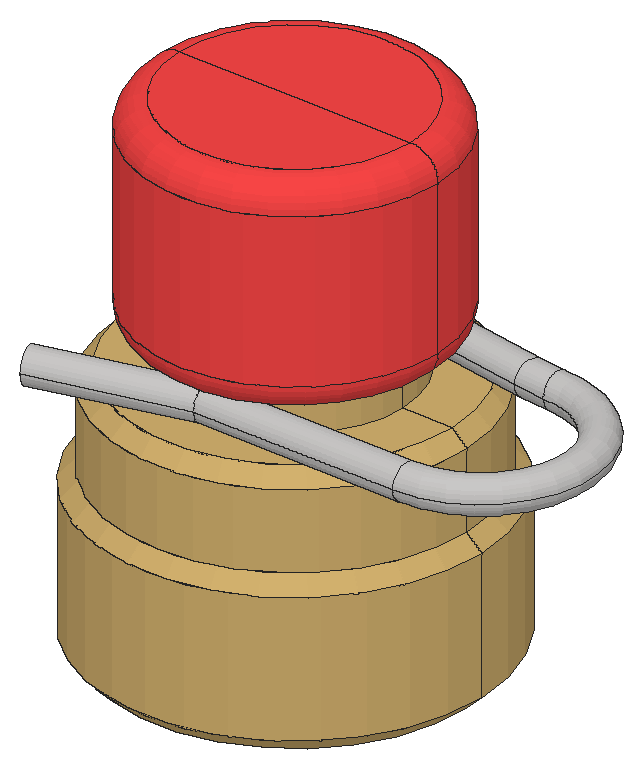
Revit family "Manual Actuator-JCI_Sapphire_Plus-(70bar)Novec1230", category Specialty Equipment, Revit 2017
Family settings
  Round Connector Dimension = Use Diameter
  Part Type = Normal
  OmniClass Number = 23.29.33.13.11
  Work Plane-Based = Yes
  Always vertical = Yes
  Cut with Voids When Loaded = No
  Shared = Yes
  Room Calculation Point = No
Parameters (values of type "Actuator Manual")
  Width = 0.00 mm
  Weight = 122.00 lbf
  URL = "http://www.sapphireplus.com"
  Product Page URL = "http://www.sapphireplus.com"
  Product Material = "JCI - Metal - Stainless Steel - Satin;JCI - Plastic-Red"
  Product Documentation Link = "http://www.sapphireplus.com"
  Part Number = Model  # "304.209.002"
  Part Description = Description  # "Manual Actuator"
  Operating Temperature = 122 °F
  Model Disclaimer = "For More Information Contact JOHNSON CONTROLS"  # constant formula
  Model = "304.209.002"  # constant formula
  Manufacturer = "Johnson Controls, Inc."  # constant formula
  Height = 0.00 mm
  Fire Suppression Agent = "''3M Novec'' 1230 Fire Protection Fluid"  # constant formula
  Family Version = "1.0"  # constant formula
  Equipment Tag Number = ""
  Equipment Number = "XXX"  # constant formula
  Equipment Abbreviation = "MA"  # constant formula
  Description = "Manual Actuator"  # constant formula
  Default Elevation = 1219.20 mm
  Date Modified = "YYYY/MM/DD"  # constant formula
  Date Created = "2018/10/10"  # constant formula
  Copyright © = "Copyright © 2001-2018 Johnson Controls Inc."  # constant formula
  Assembly Code = "D4090300"
Reference planes
  plane 1 "Center (Front/Back)": y = 0
  plane 2: z = 0
  plane 3 "Center (Left/Right)": x = 0
  plane 4 "Body Length": x = -20.497
  plane 5 "Knob Offset Left": x = -11.821
  plane 6 "Knob Left": x = -15.702
  plane 7 "Height Top": z = 42.534
  plane 8 "Knob Offset Height": z = 37.406
  plane 9 "Safety Clip": z = 16.068
  plane 10 "Safety Clip Center": z = 17.924
  plane 11 "Height Bottom": z = -11
Forms (mm)
  Sweep 1, solid, material "JCI - Metal - Stainless Steel - Satin"
    path origin (13.427, -4572, 17.924) x (0, -1, 0) y (1, 0, 0)
      loop
        arc (-4586.989, -34.804) -> (-4583.948, -31.742) -> (-4583.104, -27.509) r 7.483
        line (-4583.104, -27.509) -> (-4584.063, -17.531) -> (-4580.373, 5.767)
        arc (-4580.373, 5.767) -> (-4580.187, 7.306) -> (-4580.116, 8.854) r 20.966
        arc (-4580.116, 8.854) -> (-4569.791, 19.037) -> (-4559.56, 8.759) r 10.278
        line (-4559.56, 8.759) -> (-4559.56, -13.436) -> (-4555.297, -29.345)
    profile origin (-18.314, 11.948, 17.924) x (0.47003, 0.88265, 0) y (0, 0, 1)
      loop
        circle (0, 0) r 1.86
  Revolve 2, solid, material "JCI - Brass - Soft - Yellow - Satin"
    sketch origin (0, 0, 0) x (1, 0, 0) y (0, 0, 1)
      loop
        line (-16.393, -11) -> (-16.393, 0) -> (0, 0) -> (0, 37.406) -> (-11.821, 37.406) -> (-11.821, 16.068) -> (-17.332, 16.068) -> (-18.914, 14.485) -> (-18.914, 6.322) -> (-20.497, 4.739) -> (-20.497, -9.417) -> (-18.914, -11) -> (-16.393, -11)
      axis (0, 37.406) -> (0, -11)
    angle from 0 to 360
  Revolve 3, solid, material "JCI - Plastic - Red - Matte"
    sketch origin (0, 0, 0) x (1, 0, 0) y (0, 0, 1)
      loop
        line (-11.821, 19.781) -> (-11.821, 37.406) -> (0, 37.406) -> (0, 42.534) -> (-12.702, 42.534)
        arc (-12.702, 42.534) -> (-14.823, 41.656) -> (-15.702, 39.534) r 3
        line (-15.702, 39.534) -> (-15.702, 22.781)
        arc (-15.702, 22.781) -> (-14.823, 20.66) -> (-12.702, 19.781) r 3
        line (-12.702, 19.781) -> (-11.821, 19.781)
      axis (0, 42.534) -> (0, 19.781)
    angle from 0 to 360
Dimensions and locks
  aligned and locked: plane 2 to level
  aligned and locked: Revolve 2 sketch curve to plane 3 "Center (Left/Right)"  (x2)
  aligned and locked: Revolve 2 sketch curve to plane 8 "Knob Offset Height"
  aligned and locked: Revolve 2 sketch curve to plane 5 "Knob Offset Left"
  aligned and locked: Revolve 2 sketch curve to plane 9 "Safety Clip"
  aligned and locked: Revolve 2 sketch curve to plane 4 "Body Length"
  aligned and locked: plane 11 "Height Bottom" to Revolve 2 sketch curve
  aligned and locked: level to Revolve 2 sketch curve
  aligned and locked: Revolve 3 sketch curve to plane 7 "Height Top"
  aligned and locked: plane 8 "Knob Offset Height" to Revolve 3 sketch curve
  aligned and locked: plane 5 "Knob Offset Left" to Revolve 3 sketch curve
  aligned and locked: plane 6 "Knob Left" to Revolve 3 sketch curve
  aligned and locked: Revolve 3 sketch curve to plane 3 "Center (Left/Right)"  (x2)
Automatic sketch dimensions
  Sweep 1 sketch curve to plane 1 "Center (Front/Back)" = 29.081 mm
  plane 6 "Knob Left" to Sweep 1 sketch curve = 0.904 mm
  Sweep 1 sketch curve to plane 1 "Center (Front/Back)" = 18.552 mm
  Sweep 1 sketch curve to plane 3 "Center (Left/Right)" = 4.104 mm
  Sweep 1 sketch curve to plane 1 "Center (Front/Back)" = 12.063 mm
  plane 6 "Knob Left" to Sweep 1 sketch curve = 1.62 mm
  Sweep 1 sketch curve to Sweep 1 sketch curve = 7.448 mm
  Sweep 1 sketch curve to plane 1 "Center (Front/Back)" = 8.373 mm
  plane 1 "Center (Front/Back)" to Sweep 1 sketch curve = 2.162 mm
  Sweep 1 sketch curve to Sweep 1 sketch curve = 10.278 mm
  Sweep 1 sketch curve to plane 3 "Center (Left/Right)" = 0.008 mm
  plane 3 "Center (Left/Right)" to Sweep 1 sketch curve = 19.195 mm
  Sweep 1 sketch curve to Sweep 1 sketch curve = 2.992 mm
  Sweep 1 sketch curve to Sweep 1 sketch curve = 3.28 mm
  plane 4 "Body Length" to Sweep 1 sketch curve = 0.88 mm
  Sweep 1 sketch curve to plane 6 "Knob Left" = 0.216 mm
  Sweep 1 sketch curve to Sweep 1 sketch curve = 4.263 mm
  Sweep 1 sketch curve to profile plane = 0.00 mm  (x2)
  Revolve 2 sketch curve to plane 4 "Body Length" = 1.583 mm  (x2)
  Revolve 2 sketch curve to plane 6 "Knob Left" = 1.63 mm
  Revolve 2 sketch curve to plane 6 "Knob Left" = 0.691 mm
  plane 11 "Height Bottom" to Revolve 2 sketch curve = 1.583 mm
  level to Revolve 2 sketch curve = 4.739 mm
  Revolve 2 sketch curve to Revolve 2 sketch curve = 1.583 mm
  Revolve 2 sketch curve to plane 9 "Safety Clip" = 1.583 mm
  Revolve 2 sketch curve to plane 11 "Height Bottom" = 596.957 mm
  plane 7 "Height Top" to Revolve 2 sketch curve = 2569.166 mm
  plane 5 "Knob Offset Left" to Revolve 3 sketch curve = 0.881 mm  (x2)
  Revolve 3 sketch curve to plane 10 "Safety Clip Center" = 4.857 mm
  Revolve 3 sketch curve to plane 11 "Height Bottom" = 596.957 mm
  Revolve 3 sketch curve to Revolve 3 sketch curve = 2569.166 mm
  radius of Sweep 1 sketch curve = 1.86 mm
